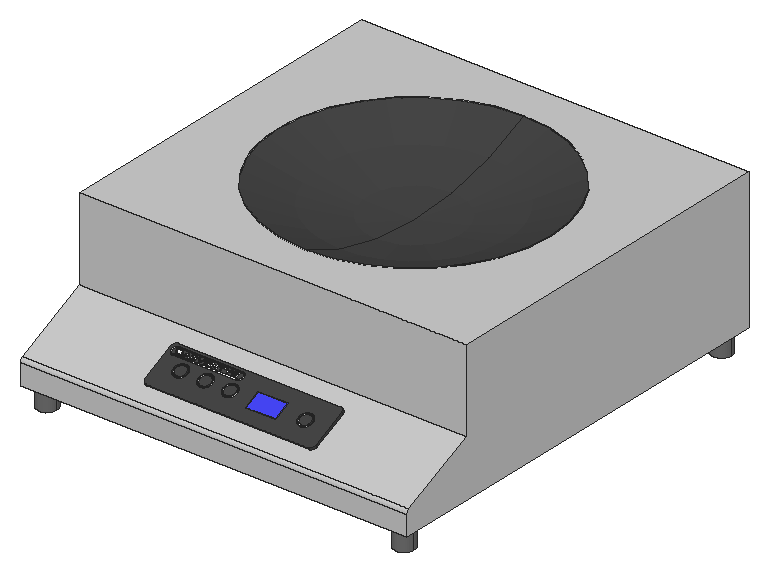
Revit family "QF_ADVENTYS_GLW_3500_250902082920", category Specialty Equipment, Revit 2021
Family settings
  Round Connector Dimension = Use Diameter
  Part Type = Normal
  OmniClass Number = 23.40.40.14
  OmniClass Title = Food Service Equipment
  Work Plane-Based = No
  Always vertical = Yes
  Cut with Voids When Loaded = No
  Shared = No
  Room Calculation Point = No
Parameters (values of type "ADV1610")
  Weight in Pounds [instance] = 0
  Weight = 10.00 kg
  Warranty Start Date [instance] = ""
  Warranty Duration [instance] = ""
  Volts [instance] = 230 V
  URL Recommended Spares List = ""
  URL Manufacturer = ""
  URL Cutsheet = ""
  URL Critical Spares List = ""
  URL = "www.adventys.com"
  Tag Number [instance] = ""
  Status [instance] = ""
  Specification by User [instance] = ""
  Specification by Manufacturer [instance] = ""
  Sound Level [instance] = ""
  Solid Fuel Type [instance] = ""
  Service Life Duration [instance] = ""
  Serial Number [instance] = ""
  Seismic Rating [instance] = ""
  SMACNA No [instance] = ""
  Revision Code [instance] = ""
  Revision [instance] = ""
  Production Year [instance] = ""
  Point Load [instance] = 0
  Phase [instance] = 1
  Other Equipment Approvals [instance] = ""
  Number of Poles [instance] = 2
  NAFEM Spec ID Number [instance] = ""
  Model Warning [instance] = ""
  Model = "GLW 3500"
  Min Ckt Ampacity [instance] = 0 A
  Max Overcurrent Protection [instance] = 16 A
  Masterspec [instance] = ""
  Manufacturer = "ADVENTYS"
  Length Actual = 390 mm
  Item Number [instance] = ""
  Installed By [instance] = ""
  Installation Date [instance] = ""
  Identify Quantity as Lot [instance] = no
  ID [instance] = ""
  Hygiene Approval [instance] = ""
  Hot Water Consumption = 0.0 L/s
  Height Actual = 161 mm
  HP power [instance] = ""
  Furnished By [instance] = ""
  Foodservice Equipment Identifier [instance] = no
  FL Amps [instance] = 13 A
  Electrical Remarks [instance] = "Plug not included"
  Electric power [instance] = 0 W
  Electric Connection Type [instance] = "Cord&Plug"
  Elec Conn RI Height [instance] = 0 mm
  Elec Conn Connection Height [instance] = 0 mm
  ETL Approved [instance] = no
  Description = "COUNTER-TOP INDUCTION WOK"
  Depth Actual = 430 mm
  Default Elevation = 0 mm
  Cycle [instance] = 50 Hz
  Cost = 0
  Conn Plug [instance] = ""
  Conn Conduit [instance] = no
  CSI MasterFormat [instance] = ""
  CE Approved [instance] = no
  Barcode [instance] = 0
  Author [instance] = ""
  Asset Identifier [instance] = ""
  Apparent Power [instance] = 3000 VA
  Accessory = no
Reference planes
  plane 1 "Center (Front/Back)": y = 0
  plane 2: z = 0
  plane 3 "Center (Left/Right)": x = 0
Forms (mm)
  Extrusion 1, solid, not visible
    sketch origin (195.01, -30.001, 20.001) x (1, 0, 0) y (0, 1, 0)
      loop
        line (-2, 2) -> (-2, -2) -> (2, -2) -> (2, 2) -> (-2, 2)
    from -2 to 2
Dimensions and locks
  locked: nested 2 to Extrusion 1 at 2  (x2)
  aligned and locked: level to plane 2
Nested families
  nested 1: "QF_ADVENTYS_ADV1610_2916" at (0, 0, 0), type "ADV1610"
    with Status "", Show Logo yes, Show Clearance yes
  nested 2: "CONN_POINT_ELE_2D___Generic_Annotation" at (195.01, -30.001, 18.001), type "CONN_POINT_ELE_2D___Generic_Annotation"
    with Onboard connection annotation symbol visibility yes
Connectors
  electrical at (195.01, -30.001, 18.001), driven by "Apparent Power", driven by "Number of Poles", driven by "Volts"
    settings: on Extrusion 1, index 1, voltage 230 V, apparent load 0 VA, apparent load phase1 3000 VA, apparent load phase2 0 VA, apparent load phase3 0 VA, power factor 1, load classification "Other", number of poles 2, system type 31, power factor state 1, is connector primary yes, connector utility no, sub classification motor no, connector description "Electrical connection for GLW 3500"
Definition of nested family "QF_ADVENTYS_ADV1610_2916"
  Parameters (values of type "ADV1610")
    URL = "www.adventys.com"
    Status [instance] = ""
    Show Logo [instance] = yes
    Show Clearance [instance] = yes
    Model = "GLW 3500"
    Manufacturer = "ADVENTYS"
    Description = "COUNTER-TOP INDUCTION WOK"
    Default Elevation = 0 mm
    Author = "SPECIFI"
    Assembly Code = "E1090320"
  Reference planes
    plane 1 "Back": y = 0
    plane 2: z = 0
    plane 3 "Left": x = 0
    plane 4 "Right": x = 390
    plane 5 "Front": y = -430
    plane 6 "Top": z = 161
  Forms (mm)
    Extrusion 1, solid
      sketch origin (0, 0, 0) x (0, 1, 0) y (0, 0, 1)
        loop
          line (-355, 20) -> (-355, 78.019) -> (-427.245, 44.33)
          arc (-427.245, 44.33) -> (-429.253, 42.57) -> (-430, 40.006) r 4.771
          line (-430, 40.006) -> (-430, 20) -> (-355, 20)
      from 0 to 390
    Extrusion 2, solid
      sketch origin (0, 0, 0) x (1, 0, 0) y (0, 1, 0)
        loop
          circle (15, -15) r 10
        loop
          circle (15, -415) r 10
        loop
          circle (375, -15) r 10
        loop
          circle (375, -415) r 10
      from 0 to 20
    Extrusion 3, solid
      sketch origin (212.328, 0, 0) x (0, 1, 0) y (0, 0, -1)
        loop
          arc (0, -97.125) -> (3.989, -95.473) -> (5.641, -91.484) r 5.641
          line (5.641, -91.484) -> (0, -91.484) -> (0, -97.125)
        loop
          arc (0, -79.125) -> (3.989, -77.473) -> (5.641, -73.484) r 5.641
          line (5.641, -73.484) -> (0, -73.484) -> (0, -79.125)
        loop
          arc (0, -61.125) -> (3.989, -59.473) -> (5.641, -55.484) r 5.641
          line (5.641, -55.484) -> (0, -55.484) -> (0, -61.125)
        loop
          arc (0, -43.125) -> (3.989, -41.473) -> (5.641, -37.484) r 5.641
          line (5.641, -37.484) -> (0, -37.484) -> (0, -43.125)
        loop
          arc (0, -115.125) -> (3.989, -113.473) -> (5.641, -109.484) r 5.641
          line (5.641, -109.484) -> (0, -109.484) -> (0, -115.125)
        loop
          arc (0, -133.125) -> (3.989, -131.473) -> (5.641, -127.484) r 5.641
          line (5.641, -127.484) -> (0, -127.484) -> (0, -133.125)
      from 140.518 to 177.644
    Extrusion 4, solid
      sketch origin (40, -15, 0) x (1, 0, 0) y (0, 1, 0)
        loop
          circle (155, -15) r 10
      from 17.922 to 20
    Extrusion 5, solid
      sketch origin (16.337, -17.886, 77.435) x (1, 0, 0) y (0, 0.906308, 0.422618)
        loop
          arc (97.5, -323.032) -> (93.964, -324.496) -> (92.5, -328.032) r 5
          line (92.5, -328.032) -> (92.5, -363.032)
          arc (92.5, -363.032) -> (93.964, -366.568) -> (97.5, -368.032) r 5
          line (97.5, -368.032) -> (259.825, -368.032)
          arc (259.825, -368.032) -> (263.361, -366.568) -> (264.825, -363.032) r 5
          line (264.825, -363.032) -> (264.825, -328.032)
          arc (264.825, -328.032) -> (263.361, -324.496) -> (259.825, -323.032) r 5
          line (259.825, -323.032) -> (97.5, -323.032)
        loop
          circle (140.135, -345.532) r 6
        loop
          circle (140.135, -345.532) r 7
        loop
          circle (165.135, -345.532) r 7
        loop
          circle (165.135, -345.532) r 6
        loop
          circle (241.135, -345.532) r 6
        loop
          circle (241.135, -345.532) r 7
        loop
          line (217.417, -337.336) -> (187.417, -337.336) -> (187.417, -354.836) -> (217.417, -354.836) -> (217.417, -337.336)
        loop
          circle (115.135, -345.532) r 6
        loop
          circle (115.135, -345.532) r 7
      from 143 to 145
    Extrusion 6, solid
      sketch origin (41.337, -17.886, 77.435) x (1, 0, 0) y (0, 0.906308, 0.422618)
        loop
          circle (216.135, -345.532) r 6
        loop
          circle (216.135, -345.532) r 7
        loop
          circle (90.135, -345.532) r 6
        loop
          circle (115.135, -345.532) r 6
        loop
          circle (90.135, -345.532) r 7
        loop
          circle (115.135, -345.532) r 7
        loop
          circle (140.135, -345.532) r 6
        loop
          circle (140.135, -345.532) r 7
      from 143 to 145
    Extrusion 7, solid
      sketch origin (111.36, -17.886, 77.435) x (1, 0, 0) y (0, 0.906308, 0.422618)
        loop
          line (92.395, -337.336) -> (92.395, -354.836) -> (122.395, -354.836) -> (122.395, -337.336) -> (92.395, -337.336)
      from 143 to 145
    Extrusion 8, solid, visible <- "Show Logo"
      sketch origin (28.108, 80.336, 88.182) x (1, 0, 0) y (0, 0.906308, 0.422618)
        loop
          arc (88.7, -421.254) -> (88.222, -421.452) -> (88.024, -421.93) r 0.676
          line (88.024, -421.93) -> (88.024, -423.602)
          arc (88.024, -423.602) -> (88.232, -424.091) -> (88.729, -424.278) r 0.676
          line (88.729, -424.278) -> (88.729, -423.012)
          arc (88.729, -423.012) -> (89.079, -422.316) -> (89.806, -422.035) r 1.082
          line (89.806, -422.035) -> (92.693, -422.035)
          arc (92.693, -422.035) -> (92.539, -421.491) -> (92.025, -421.254) r 0.676
          line (92.025, -421.254) -> (88.7, -421.254)
        loop
          arc (88.7, -420.848) -> (87.935, -421.165) -> (87.618, -421.93) r 1.082
          line (87.618, -421.93) -> (87.618, -423.602)
          arc (87.618, -423.602) -> (87.945, -424.378) -> (88.729, -424.684) r 1.082
          arc (88.729, -424.684) -> (89.006, -425.518) -> (89.811, -425.871) r 1.082
          arc (89.811, -425.871) -> (90.124, -426.642) -> (90.893, -426.963) r 1.082
          line (90.893, -426.963) -> (93.953, -426.963)
          arc (93.953, -426.963) -> (94.718, -426.646) -> (95.035, -425.881) r 1.082
          line (95.035, -425.881) -> (95.035, -424.315)
          arc (95.035, -424.315) -> (94.714, -423.546) -> (93.942, -423.233) r 1.082
          arc (93.942, -423.233) -> (93.745, -422.485) -> (93.099, -422.06) r 1.082
          arc (93.099, -422.06) -> (92.835, -421.213) -> (92.025, -420.848) r 1.082
          line (92.025, -420.848) -> (88.7, -420.848)
        loop
          arc (93.953, -426.557) -> (94.431, -426.359) -> (94.629, -425.881) r 0.676
          line (94.629, -425.881) -> (94.629, -424.315)
          arc (94.629, -424.315) -> (94.43, -423.835) -> (93.948, -423.638) r 0.676
          line (93.948, -423.638) -> (93.948, -424.789)
          arc (93.948, -424.789) -> (93.631, -425.554) -> (92.866, -425.871) r 1.082
          line (92.866, -425.871) -> (90.216, -425.871)
          arc (90.216, -425.871) -> (90.411, -426.355) -> (90.893, -426.557) r 0.676
          line (90.893, -426.557) -> (93.953, -426.557)
        loop
          arc (95.821, -425.184) -> (95.863, -425.723) -> (96.404, -425.709) r 0.393
          line (96.404, -425.709) -> (97.15, -424.963) -> (100.112, -424.963) -> (100.858, -425.709)
          arc (100.858, -425.709) -> (101.399, -425.723) -> (101.441, -425.184) r 0.393
          line (101.441, -425.184) -> (98.631, -421.714) -> (95.821, -425.184)
        loop
          line (98.631, -423.109) -> (97.68, -424.283) -> (99.582, -424.283) -> (98.631, -423.109)
        loop
          line (102.743, -421.78) -> (102.743, -425.773) -> (106.505, -425.773)
          arc (106.505, -425.773) -> (108.501, -423.776) -> (106.505, -421.78) r 1.997
          line (106.505, -421.78) -> (102.743, -421.78)
        loop
          line (106.505, -422.83) -> (103.793, -422.83) -> (103.793, -424.722) -> (106.505, -424.722)
          arc (106.505, -424.722) -> (107.451, -423.776) -> (106.505, -422.83) r 0.946
        loop
          arc (110.437, -422.011) -> (109.896, -421.997) -> (109.854, -422.536) r 0.393
          line (109.854, -422.536) -> (112.664, -426.006) -> (115.474, -422.536)
          arc (115.474, -422.536) -> (115.432, -421.997) -> (114.891, -422.011) r 0.393
          line (114.891, -422.011) -> (112.664, -424.762) -> (110.437, -422.011)
        loop
          line (122.122, -421.733) -> (116.807, -421.733) -> (116.807, -425.773) -> (122.122, -425.773)
          arc (122.122, -425.773) -> (122.533, -425.362) -> (122.122, -424.952) r 0.41
          line (122.122, -424.952) -> (117.728, -424.952) -> (117.728, -424.143) -> (122.122, -424.143)
          arc (122.122, -424.143) -> (122.494, -423.772) -> (122.122, -423.401) r 0.371
          line (122.122, -423.401) -> (117.728, -423.401) -> (117.728, -422.553) -> (122.122, -422.553)
          arc (122.122, -422.553) -> (122.533, -422.143) -> (122.122, -421.733) r 0.41
        loop
          line (123.768, -422.295) -> (123.768, -425.304)
          arc (123.768, -425.304) -> (124.205, -425.74) -> (124.641, -425.304) r 0.437
          line (124.641, -425.304) -> (124.641, -423.104) -> (128.532, -425.535)
          arc (128.532, -425.535) -> (129.163, -425.551) -> (129.483, -425.008) r 0.622
          line (129.483, -425.008) -> (129.483, -422.216)
          arc (129.483, -422.216) -> (129.023, -421.756) -> (128.563, -422.216) r 0.46
          line (128.563, -422.216) -> (128.563, -424.346) -> (124.57, -421.851)
          arc (124.57, -421.851) -> (124.038, -421.837) -> (123.768, -422.295) r 0.524
        loop
          arc (131.328, -421.811) -> (130.822, -422.316) -> (131.328, -422.822) r 0.506
          line (131.328, -422.822) -> (133.16, -422.822) -> (133.16, -425.108)
          arc (133.16, -425.108) -> (133.647, -425.594) -> (134.133, -425.108) r 0.486
          line (134.133, -425.108) -> (134.133, -422.822) -> (135.879, -422.822)
          arc (135.879, -422.822) -> (136.384, -422.316) -> (135.879, -421.811) r 0.506
          line (135.879, -421.811) -> (131.328, -421.811)
        loop
          line (140.723, -423.158) -> (138.718, -421.806)
          arc (138.718, -421.806) -> (138.039, -421.938) -> (138.171, -422.617) r 0.489
          line (138.171, -422.617) -> (140.176, -423.97) -> (140.176, -425.134)
          arc (140.176, -425.134) -> (140.723, -425.682) -> (141.27, -425.134) r 0.547
          line (141.27, -425.134) -> (141.27, -423.97) -> (143.275, -422.617)
          arc (143.275, -422.617) -> (143.407, -421.938) -> (142.728, -421.806) r 0.489
          line (142.728, -421.806) -> (140.723, -423.158)
        loop
          line (149.966, -421.811) -> (146.176, -421.811)
          arc (146.176, -421.811) -> (145.017, -422.97) -> (146.176, -424.129) r 1.159
          line (146.176, -424.129) -> (149.302, -424.129)
          arc (149.302, -424.129) -> (149.724, -424.551) -> (149.302, -424.973) r 0.422
          line (149.302, -424.973) -> (145.494, -424.973)
          arc (145.494, -424.973) -> (145.145, -425.323) -> (145.494, -425.672) r 0.349
          line (145.494, -425.672) -> (149.676, -425.672)
          arc (149.676, -425.672) -> (150.47, -424.404) -> (149.336, -423.429) r 1.147
          line (149.336, -423.429) -> (146.116, -423.429)
          arc (146.116, -423.429) -> (145.656, -422.969) -> (146.116, -422.509) r 0.46
          line (146.116, -422.509) -> (149.966, -422.509)
          arc (149.966, -422.509) -> (150.315, -422.16) -> (149.966, -421.811) r 0.349
        loop
          arc (87.536, -420.077) -> (83.683, -423.931) -> (87.536, -427.784) r 3.853
          line (87.536, -427.784) -> (151.604, -427.784)
          arc (151.604, -427.784) -> (155.457, -423.931) -> (151.604, -420.077) r 3.853
          line (151.604, -420.077) -> (87.536, -420.077)
        loop
          arc (87.536, -419.677) -> (83.283, -423.931) -> (87.536, -428.184) r 4.253
          line (87.536, -428.184) -> (151.604, -428.184)
          arc (151.604, -428.184) -> (155.857, -423.931) -> (151.604, -419.677) r 4.253
          line (151.604, -419.677) -> (87.536, -419.677)
      from 176.77 to 176.97
    Extrusion 9, solid
      sketch origin (0, 0, 51) x (1, 0, 0) y (0, 1, 0)
        loop
          line (0, 0) -> (0, -355) -> (390, -355) -> (390, 0) -> (0, 0)
      from -31 to 110
    Revolve 10, solid
      sketch origin (195, 0, 51) x (0, 1, 0) y (0, 0, 1)
        loop
          line (-177.5, 76) -> (-177.5, 75)
          arc (-177.5, 75) -> (-106.519, 83.592) -> (-39.638, 108.871) r 297.5
          line (-39.638, 108.871) -> (-39.638, 110)
          arc (-39.638, 110) -> (-106.504, 84.625) -> (-177.5, 76) r 296.5
        axis (-177.5, 110) -> (-177.5, 75)
      angle from 0 to 360
    Revolve 11, void
      sketch origin (195, 0, 51) x (0, 1, 0) y (0, 0, 1)
        loop
          line (-177.5, 110) -> (-177.5, 32.164) -> (-39.638, 32.164) -> (-39.638, 110) -> (-177.5, 110)
        axis (-177.5, 110) -> (-177.5, 32.164)
      angle from 0 to 360
    Extrusion 12, solid
      sketch origin (269.328, 0, 0) x (0, 1, 0) y (0, 0, -1)
        loop
          arc (0, -97.125) -> (3.989, -95.473) -> (5.641, -91.484) r 5.641
          line (5.641, -91.484) -> (0, -91.484) -> (0, -97.125)
        loop
          arc (0, -79.125) -> (3.989, -77.473) -> (5.641, -73.484) r 5.641
          line (5.641, -73.484) -> (0, -73.484) -> (0, -79.125)
        loop
          arc (0, -61.125) -> (3.989, -59.473) -> (5.641, -55.484) r 5.641
          line (5.641, -55.484) -> (0, -55.484) -> (0, -61.125)
        loop
          arc (0, -43.125) -> (3.989, -41.473) -> (5.641, -37.484) r 5.641
          line (5.641, -37.484) -> (0, -37.484) -> (0, -43.125)
        loop
          arc (0, -115.125) -> (3.989, -113.473) -> (5.641, -109.484) r 5.641
          line (5.641, -109.484) -> (0, -109.484) -> (0, -115.125)
        loop
          arc (0, -133.125) -> (3.989, -131.473) -> (5.641, -127.484) r 5.641
          line (5.641, -127.484) -> (0, -127.484) -> (0, -133.125)
      from 140.518 to 177.644
    Extrusion 13, solid
      sketch origin (326.328, 0, 0) x (0, 1, 0) y (0, 0, -1)
        loop
          arc (0, -97.125) -> (3.989, -95.473) -> (5.641, -91.484) r 5.641
          line (5.641, -91.484) -> (0, -91.484) -> (0, -97.125)
        loop
          arc (0, -79.125) -> (3.989, -77.473) -> (5.641, -73.484) r 5.641
          line (5.641, -73.484) -> (0, -73.484) -> (0, -79.125)
        loop
          arc (0, -61.125) -> (3.989, -59.473) -> (5.641, -55.484) r 5.641
          line (5.641, -55.484) -> (0, -55.484) -> (0, -61.125)
        loop
          arc (0, -43.125) -> (3.989, -41.473) -> (5.641, -37.484) r 5.641
          line (5.641, -37.484) -> (0, -37.484) -> (0, -43.125)
        loop
          arc (0, -115.125) -> (3.989, -113.473) -> (5.641, -109.484) r 5.641
          line (5.641, -109.484) -> (0, -109.484) -> (0, -115.125)
        loop
          arc (0, -133.125) -> (3.989, -131.473) -> (5.641, -127.484) r 5.641
          line (5.641, -127.484) -> (0, -127.484) -> (0, -133.125)
      from 140.518 to 177.644
    Extrusion 14, solid
      sketch origin (383.328, 0, 0) x (0, 1, 0) y (0, 0, -1)
        loop
          arc (0, -97.125) -> (3.989, -95.473) -> (5.641, -91.484) r 5.641
          line (5.641, -91.484) -> (0, -91.484) -> (0, -97.125)
        loop
          arc (0, -79.125) -> (3.989, -77.473) -> (5.641, -73.484) r 5.641
          line (5.641, -73.484) -> (0, -73.484) -> (0, -79.125)
        loop
          arc (0, -61.125) -> (3.989, -59.473) -> (5.641, -55.484) r 5.641
          line (5.641, -55.484) -> (0, -55.484) -> (0, -61.125)
        loop
          arc (0, -43.125) -> (3.989, -41.473) -> (5.641, -37.484) r 5.641
          line (5.641, -37.484) -> (0, -37.484) -> (0, -43.125)
        loop
          arc (0, -115.125) -> (3.989, -113.473) -> (5.641, -109.484) r 5.641
          line (5.641, -109.484) -> (0, -109.484) -> (0, -115.125)
        loop
          arc (0, -133.125) -> (3.989, -131.473) -> (5.641, -127.484) r 5.641
          line (5.641, -127.484) -> (0, -127.484) -> (0, -133.125)
      from 140.518 to 177.644
    Extrusion 15, solid
      sketch origin (440.328, 0, 0) x (0, 1, 0) y (0, 0, -1)
        loop
          arc (0, -97.125) -> (3.989, -95.473) -> (5.641, -91.484) r 5.641
          line (5.641, -91.484) -> (0, -91.484) -> (0, -97.125)
        loop
          arc (0, -79.125) -> (3.989, -77.473) -> (5.641, -73.484) r 5.641
          line (5.641, -73.484) -> (0, -73.484) -> (0, -79.125)
        loop
          arc (0, -61.125) -> (3.989, -59.473) -> (5.641, -55.484) r 5.641
          line (5.641, -55.484) -> (0, -55.484) -> (0, -61.125)
        loop
          arc (0, -43.125) -> (3.989, -41.473) -> (5.641, -37.484) r 5.641
          line (5.641, -37.484) -> (0, -37.484) -> (0, -43.125)
        loop
          arc (0, -115.125) -> (3.989, -113.473) -> (5.641, -109.484) r 5.641
          line (5.641, -109.484) -> (0, -109.484) -> (0, -115.125)
        loop
          arc (0, -133.125) -> (3.989, -131.473) -> (5.641, -127.484) r 5.641
          line (5.641, -127.484) -> (0, -127.484) -> (0, -133.125)
      from 140.518 to 177.644
    Extrusion 16, solid
      sketch origin (497.328, 0, 0) x (0, 1, 0) y (0, 0, -1)
        loop
          arc (0, -97.125) -> (3.989, -95.473) -> (5.641, -91.484) r 5.641
          line (5.641, -91.484) -> (0, -91.484) -> (0, -97.125)
        loop
          arc (0, -79.125) -> (3.989, -77.473) -> (5.641, -73.484) r 5.641
          line (5.641, -73.484) -> (0, -73.484) -> (0, -79.125)
        loop
          arc (0, -61.125) -> (3.989, -59.473) -> (5.641, -55.484) r 5.641
          line (5.641, -55.484) -> (0, -55.484) -> (0, -61.125)
        loop
          arc (0, -43.125) -> (3.989, -41.473) -> (5.641, -37.484) r 5.641
          line (5.641, -37.484) -> (0, -37.484) -> (0, -43.125)
        loop
          arc (0, -115.125) -> (3.989, -113.473) -> (5.641, -109.484) r 5.641
          line (5.641, -109.484) -> (0, -109.484) -> (0, -115.125)
        loop
          arc (0, -133.125) -> (3.989, -131.473) -> (5.641, -127.484) r 5.641
          line (5.641, -127.484) -> (0, -127.484) -> (0, -133.125)
      from 140.518 to 177.644
  Cuts and joins
    Revolve 11 cuts Extrusion 9
    joined: Extrusion 1, Extrusion 9
  Lines and regions (mm)
    symbolic lines
      curve 1: line (390, 0, 0) -> (0, 0, 0)
      curve 2: line (0, 0, 0) -> (0, -430, 0)
      curve 3: line (390, -430, 0) -> (390, 0, 0)
      curve 4: line (0, -430, 0) -> (390, -430, 0)
      curve 5: line (281.163, -408.184, 0) -> (281.163, -376.463, 0)
      curve 6: spline (281.163, -376.463, 0) -> (281.12, -375.872, 0) -> (280.992, -375.29, 0) -> (280.782, -374.729, 0) -> (280.493, -374.197, 0) -> (280.13, -373.705, 0) -> (279.698, -373.259, 0) -> (279.207, -372.868, 0) -> (278.663, -372.539, 0) -> (278.076, -372.277, 0) -> (277.457, -372.086, 0) -> (276.815, -371.97, 0) -> (276.163, -371.932, 0)
      curve 7: line (276.163, -371.932, 0) -> (113.837, -371.932, 0)
      curve 8: spline (276.163, -412.716, 0) -> (276.815, -412.677, 0) -> (277.457, -412.561, 0) -> (278.076, -412.371, 0) -> (278.663, -412.108, 0) -> (279.207, -411.779, 0) -> (279.698, -411.388, 0) -> (280.13, -410.943, 0) -> (280.493, -410.45, 0) -> (280.782, -409.918, 0) -> (280.992, -409.357, 0) -> (281.12, -408.776, 0) -> (281.163, -408.184, 0)
      curve 9: line (113.837, -412.716, 0) -> (276.163, -412.716, 0)
      curve 10: spline (108.837, -408.184, 0) -> (108.88, -408.776, 0) -> (109.008, -409.357, 0) -> (109.218, -409.918, 0) -> (109.507, -410.45, 0) -> (109.87, -410.943, 0) -> (110.302, -411.388, 0) -> (110.793, -411.779, 0) -> (111.337, -412.108, 0) -> (111.924, -412.371, 0) -> (112.543, -412.561, 0) -> (113.185, -412.677, 0) -> (113.837, -412.716, 0)
      curve 11: line (108.837, -376.463, 0) -> (108.837, -408.184, 0)
      curve 12: spline (113.837, -371.932, 0) -> (113.185, -371.97, 0) -> (112.543, -372.086, 0) -> (111.924, -372.277, 0) -> (111.337, -372.539, 0) -> (110.793, -372.868, 0) -> (110.302, -373.259, 0) -> (109.87, -373.705, 0) -> (109.507, -374.197, 0) -> (109.218, -374.729, 0) -> (109.008, -375.29, 0) -> (108.88, -375.872, 0) -> (108.837, -376.463, 0)
      curve 13: spline (138.472, -392.324, 0) -> (138.233, -390.682, 0) -> (137.534, -389.152, 0) -> (136.422, -387.838, 0) -> (134.972, -386.829, 0) -> (133.284, -386.196, 0) -> (131.472, -385.979, 0) -> (129.66, -386.196, 0) -> (127.972, -386.829, 0) -> (126.522, -387.838, 0) -> (125.41, -389.152, 0) -> (124.71, -390.682, 0) -> (124.472, -392.324, 0)
      curve 14: spline (125.472, -392.324, 0) -> (125.676, -390.916, 0) -> (126.276, -389.605, 0) -> (127.229, -388.479, 0) -> (128.472, -387.614, 0) -> (129.919, -387.071, 0) -> (131.472, -386.886, 0) -> (133.025, -387.071, 0) -> (134.472, -387.614, 0) -> (135.715, -388.479, 0) -> (136.668, -389.605, 0) -> (137.267, -390.916, 0) -> (137.472, -392.324, 0)
      curve 15: spline (137.472, -392.324, 0) -> (137.267, -393.731, 0) -> (136.668, -395.043, 0) -> (135.715, -396.169, 0) -> (134.472, -397.033, 0) -> (133.025, -397.576, 0) -> (131.472, -397.761, 0) -> (129.919, -397.576, 0) -> (128.472, -397.033, 0) -> (127.229, -396.169, 0) -> (126.276, -395.043, 0) -> (125.676, -393.731, 0) -> (125.472, -392.324, 0)
      curve 16: spline (124.472, -392.324, 0) -> (124.71, -393.966, 0) -> (125.41, -395.496, 0) -> (126.522, -396.81, 0) -> (127.972, -397.818, 0) -> (129.66, -398.452, 0) -> (131.472, -398.668, 0) -> (133.284, -398.452, 0) -> (134.972, -397.818, 0) -> (136.422, -396.81, 0) -> (137.534, -395.496, 0) -> (138.233, -393.966, 0) -> (138.472, -392.324, 0)
      curve 17: spline (162.472, -392.324, 0) -> (162.267, -393.731, 0) -> (161.668, -395.043, 0) -> (160.715, -396.169, 0) -> (159.472, -397.033, 0) -> (158.025, -397.576, 0) -> (156.472, -397.761, 0) -> (154.919, -397.576, 0) -> (153.472, -397.033, 0) -> (152.229, -396.169, 0) -> (151.276, -395.043, 0) -> (150.676, -393.731, 0) -> (150.472, -392.324, 0)
      curve 18: spline (149.472, -392.324, 0) -> (149.71, -393.966, 0) -> (150.41, -395.496, 0) -> (151.522, -396.81, 0) -> (152.972, -397.818, 0) -> (154.66, -398.452, 0) -> (156.472, -398.668, 0) -> (158.284, -398.452, 0) -> (159.972, -397.818, 0) -> (161.422, -396.81, 0) -> (162.534, -395.496, 0) -> (163.233, -393.966, 0) -> (163.472, -392.324, 0)
      curve 19: spline (163.472, -392.324, 0) -> (163.233, -390.682, 0) -> (162.534, -389.152, 0) -> (161.422, -387.838, 0) -> (159.972, -386.829, 0) -> (158.284, -386.196, 0) -> (156.472, -385.979, 0) -> (154.66, -386.196, 0) -> (152.972, -386.829, 0) -> (151.522, -387.838, 0) -> (150.41, -389.152, 0) -> (149.71, -390.682, 0) -> (149.472, -392.324, 0)
      curve 20: spline (150.472, -392.324, 0) -> (150.676, -390.916, 0) -> (151.276, -389.605, 0) -> (152.229, -388.479, 0) -> (153.472, -387.614, 0) -> (154.919, -387.071, 0) -> (156.472, -386.886, 0) -> (158.025, -387.071, 0) -> (159.472, -387.614, 0) -> (160.715, -388.479, 0) -> (161.668, -389.605, 0) -> (162.267, -390.916, 0) -> (162.472, -392.324, 0)
      curve 21: spline (175.472, -392.324, 0) -> (175.676, -390.916, 0) -> (176.276, -389.605, 0) -> (177.229, -388.479, 0) -> (178.472, -387.614, 0) -> (179.919, -387.071, 0) -> (181.472, -386.886, 0) -> (183.025, -387.071, 0) -> (184.472, -387.614, 0) -> (185.715, -388.479, 0) -> (186.668, -389.605, 0) -> (187.267, -390.916, 0) -> (187.472, -392.324, 0)
      curve 22: spline (188.472, -392.324, 0) -> (188.233, -390.682, 0) -> (187.534, -389.152, 0) -> (186.422, -387.838, 0) -> (184.972, -386.829, 0) -> (183.284, -386.196, 0) -> (181.472, -385.979, 0) -> (179.66, -386.196, 0) -> (177.972, -386.829, 0) -> (176.522, -387.838, 0) -> (175.41, -389.152, 0) -> (174.71, -390.682, 0) -> (174.472, -392.324, 0)
      curve 23: spline (187.472, -392.324, 0) -> (187.267, -393.731, 0) -> (186.668, -395.043, 0) -> (185.715, -396.169, 0) -> (184.472, -397.033, 0) -> (183.025, -397.576, 0) -> (181.472, -397.761, 0) -> (179.919, -397.576, 0) -> (178.472, -397.033, 0) -> (177.229, -396.169, 0) -> (176.276, -395.043, 0) -> (175.676, -393.731, 0) -> (175.472, -392.324, 0)
      curve 24: spline (174.472, -392.324, 0) -> (174.71, -393.966, 0) -> (175.41, -395.496, 0) -> (176.522, -396.81, 0) -> (177.972, -397.818, 0) -> (179.66, -398.452, 0) -> (181.472, -398.668, 0) -> (183.284, -398.452, 0) -> (184.972, -397.818, 0) -> (186.422, -396.81, 0) -> (187.534, -395.496, 0) -> (188.233, -393.966, 0) -> (188.472, -392.324, 0)
      curve 25: line (233.754, -400.756, 0) -> (233.754, -384.895, 0)
      curve 26: line (233.754, -384.895, 0) -> (203.754, -384.895, 0)
      curve 27: line (203.754, -384.895, 0) -> (203.754, -400.756, 0)
      curve 28: line (203.754, -400.756, 0) -> (233.754, -400.756, 0)
      curve 29: spline (264.472, -392.324, 0) -> (264.233, -390.682, 0) -> (263.534, -389.152, 0) -> (262.422, -387.838, 0) -> (260.972, -386.829, 0) -> (259.284, -386.196, 0) -> (257.472, -385.979, 0) -> (255.66, -386.196, 0) -> (253.972, -386.829, 0) -> (252.522, -387.838, 0) -> (251.41, -389.152, 0) -> (250.71, -390.682, 0) -> (250.472, -392.324, 0)
      curve 30: spline (251.472, -392.324, 0) -> (251.676, -390.916, 0) -> (252.276, -389.605, 0) -> (253.229, -388.479, 0) -> (254.472, -387.614, 0) -> (255.919, -387.071, 0) -> (257.472, -386.886, 0) -> (259.025, -387.071, 0) -> (260.472, -387.614, 0) -> (261.715, -388.479, 0) -> (262.668, -389.605, 0) -> (263.267, -390.916, 0) -> (263.472, -392.324, 0)
      curve 31: spline (250.472, -392.324, 0) -> (250.71, -393.966, 0) -> (251.41, -395.496, 0) -> (252.522, -396.81, 0) -> (253.972, -397.818, 0) -> (255.66, -398.452, 0) -> (257.472, -398.668, 0) -> (259.284, -398.452, 0) -> (260.972, -397.818, 0) -> (262.422, -396.81, 0) -> (263.534, -395.496, 0) -> (264.233, -393.966, 0) -> (264.472, -392.324, 0)
      curve 32: spline (263.472, -392.324, 0) -> (263.267, -393.731, 0) -> (262.668, -395.043, 0) -> (261.715, -396.169, 0) -> (260.472, -397.033, 0) -> (259.025, -397.576, 0) -> (257.472, -397.761, 0) -> (255.919, -397.576, 0) -> (254.472, -397.033, 0) -> (253.229, -396.169, 0) -> (252.276, -395.043, 0) -> (251.676, -393.731, 0) -> (251.472, -392.324, 0)
      curve 33: line (390, -355, 0) -> (0, -355, 0)
      curve 34: arc (195, -37.5, 0) -> (335, -177.5, 0) -> (195, -317.5, 0) r 140
      curve 35: arc (195, -317.5, 0) -> (55, -177.5, 0) -> (195, -37.5, 0) r 140
  Dimensions and locks
    plane 3 "Left" to plane 4 "Right" = 390 mm
    plane 5 "Front" to plane 1 "Back" = 430 mm
    plane 6 "Top" to level = 161 mm
    aligned and locked: level to plane 2
Definition of nested family "CONN_POINT_ELE_2D___Generic_Annotation"
  Parameters (values of type "CONN_POINT_ELE_2D___Generic_Annotation")
    Onboard connection annotation symbol visibility [instance] = yes
  Reference planes
    plane 1: y = 0
    plane 2: x = 0
  Lines and regions (mm)
    detail lines, visible <- "Onboard connection annotation symbol visibility"
      curve 1: circle (0, 0, 0) r 0.5 normal (0, 0, 1)
      curve 2: line (-1, 0, 0) -> (1, 0, 0)
      curve 3: line (0, 1, 0) -> (0, -1, 0)
      curve 4: line (2.5, 1, 0) -> (1.25, 1, 0)
      curve 5: line (1.25, 1, 0) -> (1.25, -1, 0)
      curve 6: line (1.25, -1, 0) -> (2.5, -1, 0)
      curve 7: line (1.25, 0, 0) -> (2, 0, 0)
